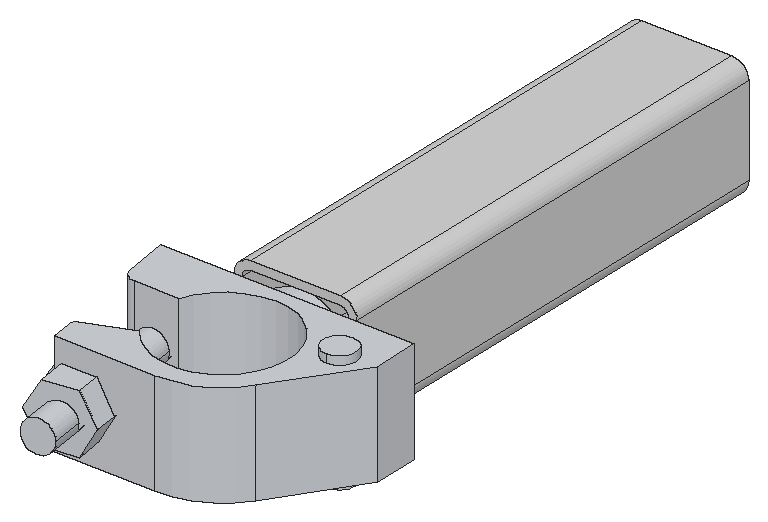
Revit family "ORMA_COUPLER 48 WITH SPIGOT SBU_1938100", category Generic Models, Revit 2018
Family settings
  Can host rebar = No
  Round Connector Dimension = Use Diameter
  Part Type = Normal
  OmniClass Number = 35.51.14.00
  OmniClass Title = FORMWORK
  Work Plane-Based = Yes
  Always vertical = No
  Cut with Voids When Loaded = No
  Shared = Yes
  Room Calculation Point = No
Parameters
  VERSION = "20170217"  # constant formula
  URL = "www.ulmaconstruction.com/en"
  UNICLASS = ""
  Manufacturer = "ULMA CONSTRUCTION"  # constant formula
  ITEM_CODE = "1938100"
  FILTER [instance] = ""
  Default Elevation = 0.000 mm
  CLASSIFICATION_TITLE = ""
  CLASSIFICATION_NUMBER = ""
Reference planes
  plane 1 "Centro (Frontal/Posterior)": y = 0
  plane 2: z = 0
  plane 3 "Centro (Izquierda/Derecha)": x = 0
  plane 4 "MIDDLE": z = -33
Forms (mm)
  Extrusion 1, solid, material "ULMA ZINC"
    sketch origin (0, 0, 0) x (1, 0, 0) y (0, 0, 1)
      loop
        arc (-16.5, -10.5) -> (-20.743, -12.257) -> (-22.5, -16.5) r 6
        line (-22.5, -16.5) -> (-22.5, -49.5)
        arc (-22.5, -49.5) -> (-20.743, -53.743) -> (-16.5, -55.5) r 6
        line (-16.5, -55.5) -> (16.5, -55.5)
        arc (16.5, -55.5) -> (20.743, -53.743) -> (22.5, -49.5) r 6
        line (22.5, -49.5) -> (22.5, -16.5)
        arc (22.5, -16.5) -> (20.743, -12.257) -> (16.5, -10.5) r 6
        line (16.5, -10.5) -> (-16.5, -10.5)
      loop
        arc (19.5, -16.5) -> (18.621, -14.379) -> (16.5, -13.5) r 3
        line (16.5, -13.5) -> (-16.5, -13.5)
        arc (-16.5, -13.5) -> (-18.621, -14.379) -> (-19.5, -16.5) r 3
        line (-19.5, -16.5) -> (-19.5, -49.5)
        arc (-19.5, -49.5) -> (-18.621, -51.621) -> (-16.5, -52.5) r 3
        line (-16.5, -52.5) -> (16.5, -52.5)
        arc (16.5, -52.5) -> (18.621, -51.621) -> (19.5, -49.5) r 3
        line (19.5, -49.5) -> (19.5, -16.5)
    from -130 to 50
Lines and regions (mm)
  model lines, style "ULMA WORKING PLATFORMS", detail levels fine
    curve 1: circle (0, 100, -10.5) r 10.5 normal (0, 0, 1)
    curve 2: circle (0, 50, -10.5) r 10.5 normal (0, 0, 1)
    curve 3: circle (0, 0, -10.5) r 10.5 normal (0, 0, 1)
    curve 4: circle (0, 100, -55.5) r 10.5 normal (0, 0, 1)
    curve 5: circle (0, 50, -55.5) r 10.5 normal (0, 0, 1)
    curve 6: circle (0, 0, -55.5) r 10.5 normal (0, 0, 1)
Dimensions and locks
  aligned and locked: level to plane 2
Nested families
  nested 1: "SEMIABRAZADERA D48 - 2125442_WORKING PLATFORMS" at (0, -47, -33) x (0, 1, 0) z (0, 0, 1), type "SEMIABRAZADERA D48 - 2125442_WORKING PLATFORMS"
Definition of nested family "SEMIABRAZADERA D48 - 2125442_WORKING PLATFORMS"
  Parameters (values of type "SEMIABRAZADERA D48 - 2125442_WORKING PLATFORMS")
    VERSION = "20170217"  # constant formula
    Model = ""
    Manufacturer = "ULMA CONSTRUCTION"  # constant formula
    Default Elevation = 0.000 mm
  Reference planes
    plane 1 "Centro (Frontal/Posterior)": y = 0
    plane 2: z = 0
    plane 3 "Centro (Izquierda/Derecha)": x = 0
    plane 4 "Plano Tornillo": through (-60.806, 41.119, 1200) normal (0.9925, 0.1219, 0)
    plane 5 "CENTER": x = -36.3
  Forms (mm)
    Extrusion 1, solid, detail levels fine
      sketch origin (4230.9, -541.261, 182) x (0, -1, 0) y (1, 0, 0)
        loop
          line (-587.61, -4237.9) -> (-585.223, -4254.883)
          arc (-585.223, -4254.883) -> (-583.552, -4257.961) -> (-580.272, -4259.187) r 5
          line (-580.272, -4259.187) -> (-564.043, -4259.187)
          arc (-564.043, -4259.187) -> (-517.353, -4263.79) -> (-560.895, -4281.262) r 24.15
          line (-560.895, -4281.262) -> (-577.903, -4288.134)
          arc (-577.903, -4288.134) -> (-578.877, -4288.973) -> (-579.139, -4290.232) r 2
          line (-579.139, -4290.232) -> (-578.099, -4298.704) -> (-541.261, -4298.704)
          arc (-541.261, -4298.704) -> (-526.385, -4295.208) -> (-514.987, -4285.029) r 31
          line (-514.987, -4285.029) -> (-494.547, -4254.687) -> (-494.547, -4237.9) -> (-587.61, -4237.9)
      from -201 to -163
    Extrusion 2, solid, detail levels fine
      sketch origin (4239.482, -541.261, 182) x (0, -1, 0) y (1, 0, 0)
        loop
          circle (-507.261, -4264.782) r 6
      from -163 to -160
    Extrusion 3, solid, detail levels fine
      sketch origin (4239.482, -541.261, 141) x (0, -1, 0) y (1, 0, 0)
        loop
          circle (-507.261, -4264.782) r 6
      from -163 to -160
    Extrusion 4, solid, detail levels fine
      sketch origin (-55.331, -3.476, 0) x (-0.121869, 0.992546, 0) y (0, 0, 1)
        loop
          line (26.082, 11) -> (19.732, 0) -> (26.082, -11) -> (38.784, -11) -> (45.135, 0) -> (38.784, 11) -> (26.082, 11)
      from -18.924 to -6.924
    Extrusion 5, solid, detail levels fine
      sketch origin (-55.211, -4.455, 0) x (-0.121869, 0.992546, 0) y (0, 0, 1)
        loop
          circle (33.42, 0) r 13
      from -6.924 to -2.924
    Extrusion 6, solid, detail levels fine
      sketch origin (-55.191, -4.614, 0) x (-0.121869, 0.992546, 0) y (0, 0, 1)
        loop
          circle (33.579, 0) r 6
      from -31.18 to 45.825
    Extrusion 7, solid, detail levels fine
      sketch origin (0, 0, 0) x (0, 1, 0) y (0, 0, 1)
        loop
          circle (0, 0) r 17.5
      from -7 to 0
    Revolve 8, solid, detail levels coarse+medium
      sketch origin (0, 0, 0) x (1, 0, 0) y (0, 1, 0)
        loop
          arc (0, 0) -> (-36.3, 36.3) -> (-72.6, 0) r 36.3
          line (-72.6, 0) -> (0, 0)
        axis (-72.6, 0) -> (0, 0)
      angle from 0 to 360
  Lines and regions (mm)
    model lines, detail levels fine
      curve 1: circle (-36.3, 0, 0) r 27.5 normal (0, 0, 1)
    reference lines
      curve 2: line (-13.8, 34.3, 0) -> (-59.283, 28.715, 0)
  Dimensions and locks
    locked: plane 5 "CENTER" to plane 3 "Centro (Izquierda/Derecha)" at 36.3
    aligned and locked: Extrusion 7 to Extrusion 1
    aligned and locked: plane 3 "Centro (Izquierda/Derecha)" to Extrusion 7
    aligned and locked: Extrusion 4 to Extrusion 5
